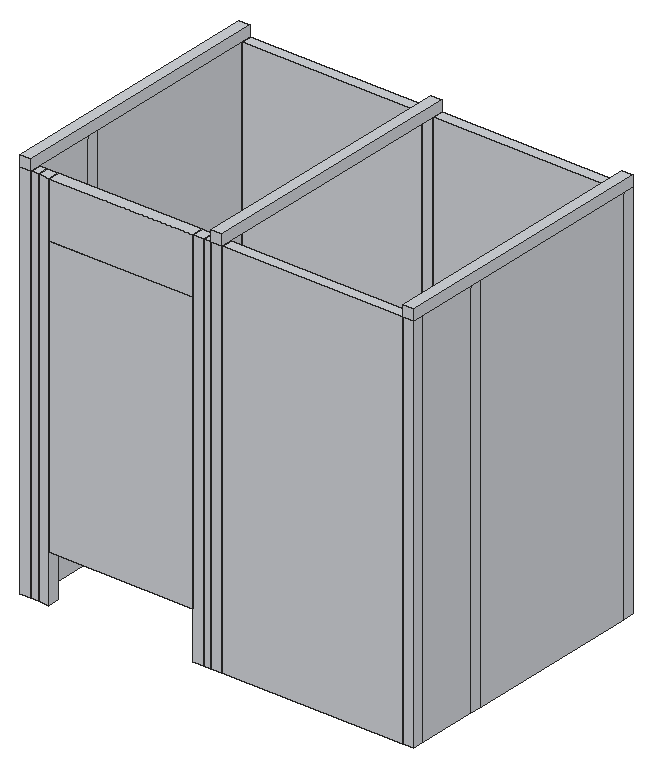
Revit family "TLFS ADA", category Specialty Equipment, Revit 2016
Family settings
  Part Type = Normal
  Round Connector Dimension = Use Diameter
  Work Plane-Based = No
  Always vertical = Yes
  Cut with Voids When Loaded = No
  Shared = No
  Room Calculation Point = No
Parameters
  Tall Version 108 [instance] = no
  System Height [instance] = if((Tall Version 108), 9' 0", 8' 0")  # 8' - 0"
  Starter [instance] = yes
  Short Version 96 [instance] = not(Tall Version 108)  # yes
  Flip Door Swing [instance] = no
Reference planes (in)
  plane 1 "Center (Front/Back)": y = 0
  plane 2: z = 0
  plane 3 "Center (Left/Right)": x = 0
  plane 4: y = 18
  plane 5: x = -48
  plane 6: z = 96
  plane 7: x = -96
  plane 8: y = 66
Dimensions and locks (in)
  "System Height": plane 6 to plane 2
  locked: plane 7 to plane 5 at 48
  plane 1 "Center (Front/Back)" to plane 4 to plane 8 = 1' - 6", 4' - 0"
  plane 5 to plane 3 "Center (Left/Right)" = 4' - 0"
  aligned and locked: level to plane 2
  aligned and locked: nested 2 to nested 1
  aligned and locked: nested 1 to nested 3
  aligned and locked: nested 4 to nested 5
  aligned and locked: nested 4 to plane 3 "Center (Left/Right)"
  aligned and locked: nested 5 to nested 4
  aligned and locked: nested 5 to plane 4
  aligned and locked: plane 5 to nested 3
  aligned and locked: level to nested 4
  aligned and locked: nested 2 to level
  aligned and locked: nested 3 to plane 2
  aligned and locked: nested 1 to plane 2
  aligned and locked: nested 2 to plane 2
  aligned and locked: plane 2 to nested 5
  aligned and locked: nested 6 to plane 5
  aligned and locked: nested 6 to plane 7
  aligned and locked: nested 8 to nested 9
  aligned and locked: nested 9 to nested 8
  aligned and locked: level to nested 8
  aligned and locked: nested 7 to level
  aligned and locked: nested 9 to plane 4
  aligned and locked: plane 1 "Center (Front/Back)" to nested 8
  aligned and locked: nested 8 to plane 7
  aligned and locked: plane 7 to nested 7
  aligned and locked: plane 3 "Center (Left/Right)" to nested 2
  aligned and locked: nested 4 to plane 1 "Center (Front/Back)"
  aligned and locked: nested 10 to nested 11
  aligned and locked: nested 11 to nested 10
  aligned and locked: level to nested 10
  aligned and locked: plane 8 to nested 11
  aligned and locked: nested 10 to plane 4
  aligned and locked: nested 12 to nested 13
  aligned and locked: nested 13 to nested 12
  aligned and locked: level to nested 12
  aligned and locked: plane 8 to nested 13
  aligned and locked: plane 8 to nested 10
  aligned and locked: nested 12 to plane 4
  aligned and locked: nested 12 to plane 7
  aligned and locked: plane 5 to nested 14
  aligned and locked: nested 14 to plane 8
  aligned and locked: plane 5 to nested 15
  aligned and locked: nested 15 to plane 8
  aligned and locked: plane 5 to nested 16
  aligned and locked: plane 7 to nested 16
  aligned and locked: nested 16 to plane 8
  aligned and locked: plane 1 "Center (Front/Back)" to nested 17
  aligned and locked: nested 17 to plane 8
  aligned and locked: plane 5 to nested 17
  aligned and locked: plane 1 "Center (Front/Back)" to nested 18
  aligned and locked: nested 18 to plane 8
  aligned and locked: plane 3 "Center (Left/Right)" to nested 18
  aligned and locked: nested 19 to plane 8
  aligned and locked: nested 19 to plane 1 "Center (Front/Back)"
  aligned and locked: plane 7 to nested 19
Nested families (in)
  nested 1: "FRV2P Panels" at (0, 0, 0), Panel Height <- "System Height", type "FRV2P Panels"
    with Panel Width 4' - 0", Panel Height 8' - 0"
  nested 2: "FRV2U Posts" at (0, 0, 0), Post Height <- "System Height", type "FRV2U Posts"
    with Post Height 8' - 0"
  nested 3: "FRV2U Posts" at (-48, 0, 0), Post Height <- "System Height", type "FRV2U Posts"
    with Post Height 8' - 0"
  nested 4: "FRV2P Panels" at (0, 0, 0) x (0, -1, 0) z (0, 0, 1), Panel Height <- "System Height", type "FRV2P Panels"
    with Panel Width 1' - 6", Panel Height 8' - 0"
  nested 5: "FRV2U Posts" at (0, 18, 0) x (0, -1, 0) z (0, 0, 1), Post Height <- "System Height", type "FRV2U Posts"
    with Post Height 8' - 0"
  nested 6: "FRV2PD Door" at (-48, 0, 0), System Height <- "System Height", Right Hinge <- "Flip Door Swing", type "FRV2PD Door"
    with Upper Panel 1' - 2", System Height 8' - 0", Right Hinge no, Left Hinge yes
  nested 7: "FRV2U Posts" at (-96, 0, 0), Post Height <- "System Height", visible <- "Starter", type "FRV2U Posts"
    with Post Height 8' - 0"
  nested 8: "FRV2P Panels" at (-96, 0, 0) x (0, -1, 0) z (0, 0, 1), Panel Height <- "System Height", visible <- "Starter", type "FRV2P Panels"
    with Panel Width 1' - 6", Panel Height 8' - 0"
  nested 9: "FRV2U Posts" at (-96, 18, 0) x (0, -1, 0) z (0, 0, 1), Post Height <- "System Height", visible <- "Starter", type "FRV2U Posts"
    with Post Height 8' - 0"
  nested 10: "FRV2P Panels" at (0, 18, 0) x (0, -1, 0) z (0, 0, 1), Panel Height <- "System Height", type "FRV2P Panels"
    with Panel Width 4' - 0", Panel Height 8' - 0"
  nested 11: "FRV2U Posts" at (0, 66, 0) x (0, -1, 0) z (0, 0, 1), Post Height <- "System Height", type "FRV2U Posts"
    with Post Height 8' - 0"
  nested 12: "FRV2P Panels" at (-96, 18, 0) x (0, -1, 0) z (0, 0, 1), Panel Height <- "System Height", visible <- "Starter", type "FRV2P Panels"
    with Panel Width 4' - 0", Panel Height 8' - 0"
  nested 13: "FRV2U Posts" at (-96, 66, 0) x (0, -1, 0) z (0, 0, 1), Post Height <- "System Height", visible <- "Starter", type "FRV2U Posts"
    with Post Height 8' - 0"
  nested 14: "FRV2P Panels" at (0, 66, 0), Panel Height <- "System Height", type "FRV2P Panels"
    with Panel Width 4' - 0", Panel Height 8' - 0"
  nested 15: "FRV2U Posts" at (-48, 66, 0), Post Height <- "System Height", type "FRV2U Posts"
    with Post Height 8' - 0"
  nested 16: "FRV2P Panels" at (-48, 66, 0), Panel Height <- "System Height", type "FRV2P Panels"
    with Panel Width 4' - 0", Panel Height 8' - 0"
  nested 17: "Family5" at (-48, 0, 0), System Height <- "System Height", type "Family5"
    with Tube Height 8' - 2 3/4", System Height 8' - 0", Nominal Width 5' - 6"
  nested 18: "Family5" at (0, 0, 0), System Height <- "System Height", type "Family5"
    with Tube Height 8' - 2 3/4", System Height 8' - 0", Nominal Width 5' - 6"
  nested 19: "Family5" at (-96, 0, 0), System Height <- "System Height", visible <- "Starter", type "Family5"
    with Tube Height 8' - 2 3/4", System Height 8' - 0", Nominal Width 5' - 6"
Definition of nested family "FRV2P Panels"
  Parameters (values of type "FRV2P Panels")
    Panel Width [instance] = 4' - 0"
    Panel Height [instance] = 8' - 0"
  Reference planes (in)
    plane 1 "Center (Front/Back)": y = 0
    plane 2: z = 0
    plane 3 "Center (Left/Right)": x = 0
    plane 4: x = -48
    plane 5: z = 96
  Forms (in)
    Extrusion 1, solid
      sketch origin (4.89012, 0, 0) x (1, 0, 0) y (0, 1, 0)
        loop
          line (-6.26512, 1.375) -> (-51.51512, 1.375) -> (-51.51512, -1.375) -> (-6.26512, -1.375) -> (-6.26512, 1.375)
      from 0 to 96
  Dimensions and locks (in)
    locked: Extrusion 1 sketch curve to Extrusion 1 sketch curve at 2.75
    plane 1 "Center (Front/Back)" to Extrusion 1 sketch curve = 0' - 1 3/8"
    Extrusion 1 to Extrusion 1 = 3' - 9 1/4"
    "Panel Width": plane 4 to plane 3 "Center (Left/Right)"
    plane 4 to Extrusion 1 = 0' - 1 3/8"
    locked: plane 4 to Extrusion 1 sketch curve at 1.375
    locked: Extrusion 1 sketch curve to plane 3 "Center (Left/Right)" at 1.375
    "Panel Height": plane 5 to plane 2
    aligned and locked: level to plane 2
    aligned and locked: Extrusion 1 to plane 5
Definition of nested family "FRV2U Posts"
  Parameters (values of type "FRV2U Posts")
    Post Height [instance] = 8' - 0"
  Reference planes (in)
    plane 1 "Center (Front/Back)": y = 0
    plane 2: z = 0
    plane 3 "Center (Left/Right)": x = 0
    plane 4: z = 96
  Forms (in)
    Extrusion 1, solid
      sketch origin (0, 0, 0) x (1, 0, 0) y (0, 1, 0)
        loop
          line (-1.375, 1.375) -> (-1.375, -1.375) -> (1.375, -1.375) -> (1.375, 1.375) -> (-1.375, 1.375)
      from 0 to 96
  Dimensions and locks (in)
    locked: Extrusion 1 to Extrusion 1 at 2.75  (x2)
    "Post Height": plane 4 to plane 2
    aligned and locked: level to plane 2
    aligned and locked: Extrusion 1 to plane 4
  Automatic sketch dimensions
    Extrusion 1 sketch curve to plane 3 "Center (Left/Right)" = 0' - 1 3/8"
    plane 3 "Center (Left/Right)" to Extrusion 1 sketch curve = 0' - 1 3/8"
    plane 1 "Center (Front/Back)" to Extrusion 1 sketch curve = 0' - 1 3/8"
    Extrusion 1 sketch curve to plane 1 "Center (Front/Back)" = 0' - 1 3/8"
Definition of nested family "FRV2PD Door"
  Parameters (values of type "FRV2PD Door")
    System Height [instance] = 8' - 0"
    Upper Panel [instance] = System Height - 6' 10"  # 1' - 2"
    Right Hinge [instance] = no
    Left Hinge [instance] = not(Right Hinge)  # yes
  Reference planes (in)
    plane 1 "Center (Front/Back)": y = 0
    plane 2: z = 0
    plane 3 "Center (Left/Right)": x = 0
    plane 4: x = -48
    plane 5: z = 96
  Lines and regions (in)
    model lines, visible <- "Left Hinge"
      curve 1: line (-42, -1.375, 0) -> (-42, -37.375, 0)
      curve 2: arc (-42, -37.375, 0) -> (-16.54416, -26.83084, 0) -> (-6, -1.375, 0) r 36
    model lines, visible <- "Right Hinge"
      curve 3: line (-6, -1.375, 0) -> (-6, -37.375, 0)
      curve 4: arc (-6, -37.375, 0) -> (-31.45584, -26.83084, 0) -> (-42, -1.375, 0) r 36
  Dimensions and locks (in)
    nested 2 to plane 3 "Center (Left/Right)" = 0' - 4 5/8"
    nested 3 to nested 3 = 3' - 0"
    nested 4 to nested 3 = 3' - 2 3/4"
    nested 3 to plane 2 = 6' - 10"
    locked: nested 3 to plane 2 at 12
    "System Height": plane 5 to plane 2
    plane 4 to plane 3 "Center (Left/Right)" = 4' - 0"  (x2)
    plane 4 to nested 5 = 0' - 4 5/8"
    nested 5 to nested 3 = 3' - 2 3/4"
    aligned and locked: level to plane 2
    aligned and locked: nested 2 to nested 1
    aligned and locked: plane 4 to nested 5
    aligned and locked: nested 6 to nested 3
    aligned and locked: nested 2 to nested 3
    aligned and locked: nested 5 to nested 4
    aligned and locked: nested 3 to nested 4
    aligned and locked: nested 2 to nested 6
    aligned and locked: nested 5 to nested 6
  Automatic sketch dimensions
    plane 4 to curve 1 = 0' - 6"
    curve 3 to plane 3 "Center (Left/Right)" = 0' - 6"
    plane 1 "Center (Front/Back)" to curve 1 = 3' - 1 3/8"
    curve 1 to curve 3 = 0' - 0"
    plane 1 "Center (Front/Back)" to curve 2 = 0' - 1 3/8"
    curve 4 to curve 2 = 0' - 0"
    curve 3 to curve 4 = 0' - 0"
    curve 1 to curve 2 = 0' - 0"
  Nested families (in)
    nested 1: "FRV2P Panels" at (0, 0, 0), Panel Height <- "System Height", type "FRV2P Panels"
      with Panel Width 0' - 4 5/8", Panel Height 8' - 0"
    nested 2: "FRV2U Posts" at (-4.625, 0, 0), Post Height <- "System Height", type "FRV2U Posts"
      with Post Height 8' - 0"
    nested 3: "FRV2P Panels" at (-4.625, 0, 12), type "FRV2P Panels"
      with Panel Width 3' - 2 3/4", Panel Height 5' - 10"
    nested 4: "FRV2U Posts" at (-43.375, 0, 0), Post Height <- "System Height", type "FRV2U Posts"
      with Post Height 8' - 0"
    nested 5: "FRV2P Panels" at (-43.375, 0, 0), Panel Height <- "System Height", type "FRV2P Panels"
      with Panel Width 0' - 4 5/8", Panel Height 8' - 0"
    nested 6: "FRV2P Panels" at (-4.625, 0, 82), Panel Height <- "Upper Panel", type "FRV2P Panels"
      with Panel Width 3' - 2 3/4", Panel Height 1' - 2"
  Definition of nested family "FRV2P Panels"
    Parameters (values of type "FRV2P Panels")
      Panel Width [instance] = 4' - 0"
      Panel Height [instance] = 8' - 0"
    Reference planes (in)
      plane 1 "Center (Front/Back)": y = 0
      plane 2: z = 0
      plane 3 "Center (Left/Right)": x = 0
      plane 4: x = -48
      plane 5: z = 96
    Forms (in)
      Extrusion 1, solid
        sketch origin (4.89012, 0, 0) x (1, 0, 0) y (0, 1, 0)
          loop
            line (-6.26512, 1.375) -> (-51.51512, 1.375) -> (-51.51512, -1.375) -> (-6.26512, -1.375) -> (-6.26512, 1.375)
        from 0 to 96
    Dimensions and locks (in)
      locked: Extrusion 1 sketch curve to Extrusion 1 sketch curve at 2.75
      plane 1 "Center (Front/Back)" to Extrusion 1 sketch curve = 0' - 1 3/8"
      Extrusion 1 to Extrusion 1 = 3' - 9 1/4"
      "Panel Width": plane 4 to plane 3 "Center (Left/Right)"
      plane 4 to Extrusion 1 = 0' - 1 3/8"
      locked: plane 4 to Extrusion 1 sketch curve at 1.375
      locked: Extrusion 1 sketch curve to plane 3 "Center (Left/Right)" at 1.375
      "Panel Height": plane 5 to plane 2
      aligned and locked: level to plane 2
      aligned and locked: Extrusion 1 to plane 5
  Definition of nested family "FRV2U Posts"
    Parameters (values of type "FRV2U Posts")
      Post Height [instance] = 8' - 0"
    Reference planes (in)
      plane 1 "Center (Front/Back)": y = 0
      plane 2: z = 0
      plane 3 "Center (Left/Right)": x = 0
      plane 4: z = 96
    Forms (in)
      Extrusion 1, solid
        sketch origin (0, 0, 0) x (1, 0, 0) y (0, 1, 0)
          loop
            line (-1.375, 1.375) -> (-1.375, -1.375) -> (1.375, -1.375) -> (1.375, 1.375) -> (-1.375, 1.375)
        from 0 to 96
    Dimensions and locks (in)
      locked: Extrusion 1 to Extrusion 1 at 2.75  (x2)
      "Post Height": plane 4 to plane 2
      aligned and locked: level to plane 2
      aligned and locked: Extrusion 1 to plane 4
    Automatic sketch dimensions
      Extrusion 1 sketch curve to plane 3 "Center (Left/Right)" = 0' - 1 3/8"
      plane 3 "Center (Left/Right)" to Extrusion 1 sketch curve = 0' - 1 3/8"
      plane 1 "Center (Front/Back)" to Extrusion 1 sketch curve = 0' - 1 3/8"
      Extrusion 1 sketch curve to plane 1 "Center (Front/Back)" = 0' - 1 3/8"
Definition of nested family "Family5"
  Parameters (values of type "Family5")
    Tube Height [instance] = System Height + 0' 2 3/4"  # 4' - 2 3/4"
    System Height [instance] = 4' - 0"
    Nominal Width [instance] = 5' - 0"
  Reference planes (in)
    plane 1 "Center (Front/Back)": y = 0
    plane 2: z = 0
    plane 3 "Center (Left/Right)": x = 0
    plane 4: y = 60
  Forms (in)
    Extrusion 1, solid
      sketch origin (0, 0, 0) x (1, 0, 0) y (0, 1, 0)
        loop
          line (-1.375, 61.375) -> (-1.375, -1.375) -> (1.375, -1.375) -> (1.375, 61.375) -> (-1.375, 61.375)
      from 48 <- "System Height" to 50.75 <- "Tube Height"
  Dimensions and locks (in)
    "Nominal Width": plane 1 "Center (Front/Back)" to plane 4
    locked: plane 4 to Extrusion 1 sketch curve at 1.375
    Extrusion 1 sketch curve to Extrusion 1 sketch curve = 0' - 2 3/4"
    locked: Extrusion 1 sketch curve to plane 1 "Center (Front/Back)" at 1.375
    locked: Extrusion 1 sketch curve to Extrusion 1 sketch curve at 2.75
    aligned and locked: level to plane 2
  Automatic sketch dimensions
    Extrusion 1 sketch curve to plane 3 "Center (Left/Right)" = 0' - 1 3/8"
